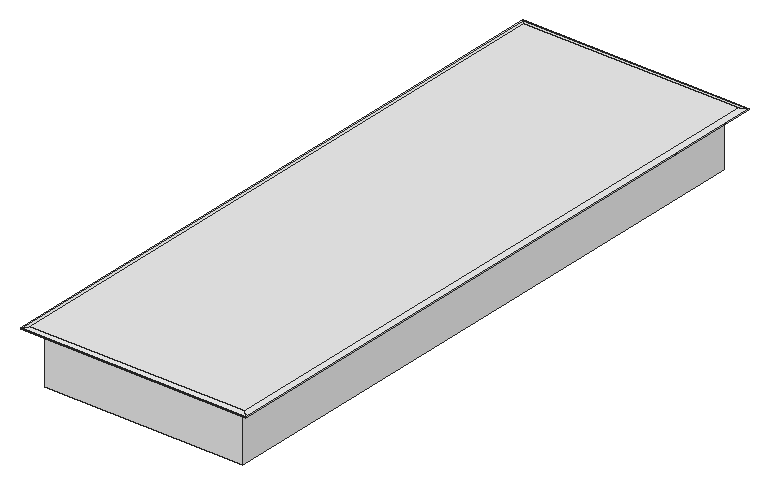
Revit family "Panel_Leviton_Indoor_42Pos", category Electrical Equipment, Revit 2026 (continued)
Definition of nested family "SideView"
  Lines and regions (in)
    model lines, in view "Ref. Level", detail levels medium+fine
      curve 400: line (43.27515, 3.78675, 0) -> (43.2744, 3.80025, 0)
      curve 401: line (43.2744, 3.80025, 0) -> (43.2744, 0.09525, 0)
      curve 402: line (43.2744, 0.09525, 0) -> (0.09525, 0.09525, 0)
      curve 403: line (0.09525, 0.09525, 0) -> (0.09525, 3.80025, 0)
      curve 430: line (43.2744, 0.09525, 0) -> (43.2744, 0, 0)
      curve 431: line (43.2744, 0, 0) -> (0.09525, 0, 0)
      curve 432: line (0.09525, 0, 0) -> (0.09525, 0.09525, 0)
      curve 451: line (0.09525, 0.18125, 0) -> (0, 0.18125, 0)
      curve 452: line (0, 0.18125, 0) -> (0, 3.678, 0)
      curve 453: line (0, 3.678, 0) -> (0.09525, 3.678, 0)
      curve 454: line (43.2744, 0.18125, 0) -> (43.3704, 0.18125, 0)
      curve 455: line (43.3704, 0.18125, 0) -> (43.3704, 3.678, 0)
      curve 456: line (43.3704, 3.678, 0) -> (43.2744, 3.678, 0)
      curve 457: line (43.2744, 3.678, 0) -> (43.2744, 0.18125, 0)
      curve 458: line (0.0635, 3.678, 0) -> (0.0635, 3.755, 0)
      curve 459: line (0.0635, 3.755, 0) -> (0, 3.755, 0)
      curve 460: line (0, 3.755, 0) -> (0.0635, 3.742, 0)
      curve 461: line (0, 3.755, 0) -> (0, 3.742, 0)
      curve 462: line (0, 3.742, 0) -> (0, 3.678, 0)
      curve 463: line (43.3069, 3.678, 0) -> (43.3069, 3.742, 0)
      curve 464: line (43.3069, 3.742, 0) -> (43.3704, 3.755, 0)
      curve 465: line (43.3704, 3.755, 0) -> (43.3069, 3.755, 0)
      curve 466: line (43.3704, 3.678, 0) -> (43.3704, 3.742, 0)
      curve 467: line (43.3704, 3.742, 0) -> (43.3704, 3.755, 0)
      curve 468: line (43.27515, 0.0635, 0) -> (43.27515, 0, 0)
      curve 469: line (0, 0.18125, 0) -> (0, 0.09525, 0)
      curve 470: line (0.0635, 0.09525, 0) -> (0.0635, 0.18125, 0)
      curve 471: line (43.3069, 0.18125, 0) -> (43.3069, 0.09525, 0)
      curve 472: line (43.3704, 0.09525, 0) -> (43.3704, 0.18125, 0)
    detail lines, in view "Ref. Level", detail levels fine
      curve 473: line (30.51798, 2.1685, 0) -> (30.51716, 2.1216, 0)
      curve 474: line (30.78167, 1.24617, 0) -> (30.75573, 1.23115, 0)
      curve 475: circle (30.1037, 2, 0) r 0.4375 normal (0, 0, 1)
      curve 476: circle (30.7187, 0.8, 0) r 0.4375 normal (0, 0, 1)
      curve 477: line (30.98524, 1.15105, 0) -> (30.9763, 1.15623, 0)
      curve 478: line (25.95671, 1.49521, 0) -> (25.97389, 1.48526, 0)
      curve 479: line (25.98463, 1.49148, 0) -> (25.95697, 1.47546, 0)
      curve 480: line (25.95731, 1.50758, 0) -> (25.97469, 1.49751, 0)
      curve 481: line (25.95682, 1.49752, 0) -> (25.97193, 1.49911, 0)
      curve 482: circle (26.1967, 1.125, 0) r 0.5545 normal (0, 0, 1)
      curve 483: circle (26.1967, 1.125, 0) r 0.4375 normal (0, 0, 1)
      curve 484: line (25.96575, 1.50269, 0) -> (25.95682, 1.49752, 0)
      curve 485: line (13.00243, 1.65134, 0) -> (13.02333, 1.65322, 0)
      curve 486: circle (13.2667, 2, 0) r 0.4375 normal (0, 0, 1)
      curve 487: circle (12.6517, 0.8, 0) r 0.4375 normal (0, 0, 1)
      curve 488: line (13.09951, 1.59571, 0) -> (13.09456, 1.60216, 0)
      curve 489: line (22.63732, 4.12631, 0) -> (22.63732, 4.14565, 0)
      curve 490: line (22.63732, 4.14565, 0) -> (23.59332, 4.14565, 0)
      curve 491: line (23.59332, 4.14565, 0) -> (23.59332, 4.12631, 0)
      curve 492: line (23.59332, 4.12631, 0) -> (23.59332, 4.26765, 0)
      curve 493: line (23.59332, 4.26765, 0) -> (22.63732, 4.26765, 0)
      curve 494: line (22.63732, 4.26765, 0) -> (22.63732, 4.14565, 0)
      curve 495: line (6.63732, 4.12631, 0) -> (6.63732, 4.14565, 0)
      curve 496: line (6.63732, 4.14565, 0) -> (7.59331, 4.14565, 0)
      curve 497: line (7.59331, 4.14565, 0) -> (7.59331, 4.12631, 0)
      curve 498: line (7.59331, 4.12631, 0) -> (7.59331, 4.26765, 0)
      curve 499: line (7.59331, 4.26765, 0) -> (6.63732, 4.26765, 0)
      curve 500: line (6.63732, 4.26765, 0) -> (6.63732, 4.14565, 0)
Types (6): name | Model | Mains Type | Description
  LP420-MB - 240V / 200A | "LP420-MB" | "Main Breaker " | "Indoor Load Center; NEMA 1; with Main Circuit Breaker; 200A; 42 Spaces; 22 KA interrupt rating; Enclosure and Interior only"
  LP422-MB - 240V / 225A | "LP422-MB" | "Main Breaker " | "Indoor Load Center; NEMA 1; with Main Circuit Breaker; 225A; 42 Spaces; 22 KA interrupt rating; Enclosure and Interior only"
  LP422-ML - 240V / 225A | "LP422-ML" | "Main Lug" | "Indoor Load Center; NEMA 1; with Main Lugs; 225A; 42 Spaces; 22 KA interrupt rating; Enclosure and Interior only"
  LP420-MB - 120V / 200A | "LP420-MB" | "Main Breaker " | "Indoor Load Center; NEMA 1; with Main Circuit Breaker; 200A; 42 Spaces; 22 KA interrupt rating; Enclosure and Interior only"
  LP422-MB - 120V / 225A | "LP422-MB" | "Main Breaker " | "Indoor Load Center; NEMA 1; with Main Circuit Breaker; 225A; 42 Spaces; 22 KA interrupt rating; Enclosure and Interior only"
  LP422-ML - 120V / 225A | "LP422-ML" | "Main Lug" | "Indoor Load Center; NEMA 1; with Main Lugs; 225A; 42 Spaces; 22 KA interrupt rating; Enclosure and Interior only"
